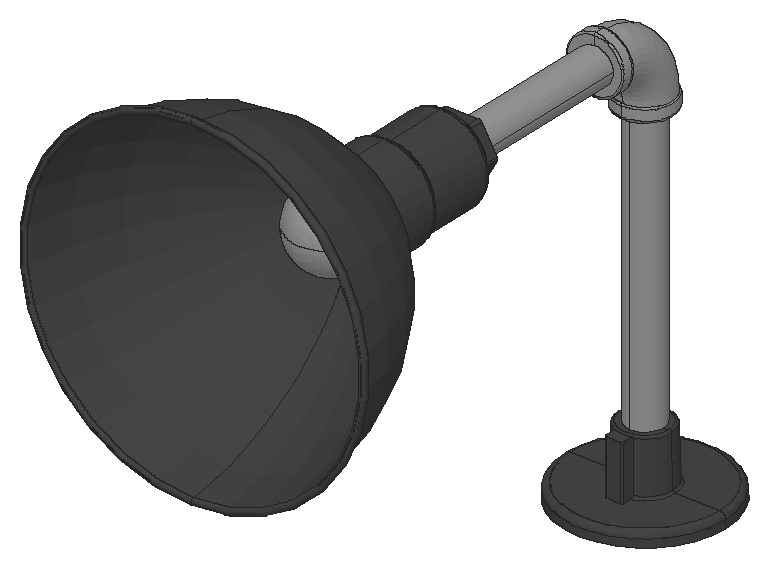
Revit family "BLE-G-DBW-G34-E26", category Lighting Fixtures, host Face, Revit 2022 (continued)
Definition of nested family "103264"
  Forms (in)
    Revolve 2, solid, visible <- "Heat Sink 9""
      sketch origin (0, 0, 0) x (1, 0, 0) y (0, 0, 1)
        loop
          arc (-4.45232, 0.20019) -> (-4.48531, 0.18703) -> (-4.50018, 0.15477) r 0.04793
          line (-4.50018, 0.15477) -> (-4.50191, 0.12184) -> (-4.39187, 0.01181)
          arc (-4.39187, 0.01181) -> (-4.3788, 0.00307) -> (-4.36337, 0) r 0.04031
          line (-4.36337, 0) -> (0, 0)
        axis (0, 1.25004) -> (0, 0)
      angle from 0 to 360
  Dimensions and locks (in)
    aligned and locked: plane 2 to Extrusion 1
    aligned and locked: level to Extrusion 1
    aligned and locked: Revolve 2 sketch curve to plane 3 "Center (Left/Right)"
  Automatic sketch dimensions
    Extrusion 1 sketch curve to Extrusion 1 sketch curve = 8' - 0"  (x2)
    Revolve 2 sketch curve to level = 0' - 0"
    Revolve 2 sketch curve to plane 3 "Center (Left/Right)" = 0' - 0"
    level to Revolve 2 sketch curve = 0' - 0.62434"
    Revolve 2 sketch curve to plane 3 "Center (Left/Right)" = 0' - 1.30334"
    Revolve 2 sketch curve to Revolve 2 sketch curve = 0' - 0.03012"
    Revolve 2 sketch curve to Revolve 2 sketch curve = 0' - 0.29046"
    Revolve 2 sketch curve to Revolve 2 sketch curve = 0' - 0.18826"
    level to Revolve 2 sketch curve = 0' - 0.20019"
    Revolve 2 sketch curve to Revolve 2 sketch curve = 0' - 0.74777"
    Revolve 2 sketch curve to Revolve 2 sketch curve = 0' - 1.80342"
    level to Revolve 2 sketch curve = 0' - 0.01181"
    Revolve 2 sketch curve to Revolve 2 sketch curve = 0' - 0.0285"
    Revolve 2 sketch curve to Revolve 2 sketch curve = 0' - 0.08895"
    level to Revolve 2 sketch curve = 0' - 0.15477"
    Revolve 2 sketch curve to Revolve 2 sketch curve = 0' - 0.04786"
    Revolve 2 sketch curve to Revolve 2 sketch curve = 0' - 0.24686"
    Revolve 2 sketch curve to Revolve 2 sketch curve = 0' - 0.3495"
    Revolve 2 sketch curve to Revolve 2 sketch curve = 0' - 0.27481"
    Revolve 2 sketch curve to level = 0' - 1.22145"
    Revolve 2 sketch curve to Revolve 2 sketch curve = 0' - 1.65421"
Types (6): name | 20" | 16" | 14" | 12" | 10"
  (no name) | no | no | no | no | yes
  12" | no | no | no | yes | no
  14" | no | no | yes | no | no
  16" | no | yes | no | no | no
  10" | no | no | no | no | yes
  20" | yes | no | no | no | no
